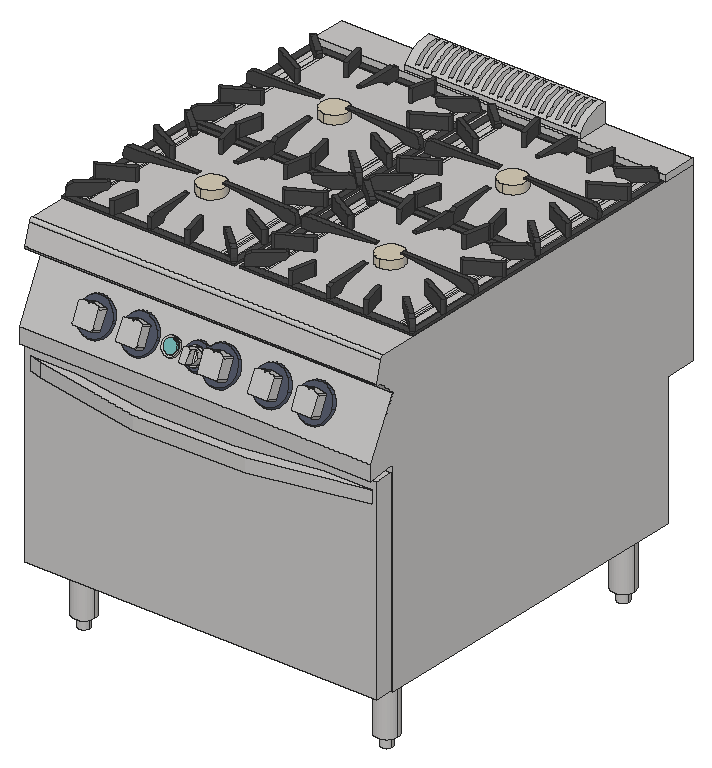
Revit family "QF_ZANUSSI_392260_Z9GCGHTCGB", category Specialty Equipment, Revit 2018
Family settings
  Round Connector Dimension = Use Diameter
  Part Type = Normal
  Work Plane-Based = No
  Always vertical = Yes
  Cut with Voids When Loaded = No
  Shared = No
  Room Calculation Point = No
Parameters (values of type "Standard")
  Weight = 155.00 kg
  Watts = 0 W
  Volts = 0 V
  URL Manufacturer = "http://www.zanussiprofessional.com"
  URL = "http://www.zanussiprofessional.com"
  Steam Supply Size = 0"
  Steam Supply Minimum Pressure = 0.00 psi
  Steam Supply Maximum Pressure = 0.00 psi
  Steam Pounds per Hour = 0
  Show Logo [instance] = yes
  Show Clearance [instance] = yes
  Refrigeration Suction Line Size = 0"
  Refrigeration Liquid Line Size = 0"
  Refrigerant Compressor Remote = yes
  Phase = 0
  Model = "Z9GCGHTCGB"
  Manufacturer = "Zanussi"
  Length Actual = 800 mm  # constant formula
  Item Number = "392260"
  Hot Water Size = 0"
  Height Actual = 850 mm  # constant formula
  HP = "0 HP"
  Gas Size = 1/2"
  Gas KW = 48.5
  Gas Input Pressure = 1.6262 Btu/h
  Direct Waste Size = 0"
  Description = "4-BURNER(10KW)GAS RANGE+OVEN 800 MM(AGA)"
  Depth Actual = 900 mm  # constant formula
  Cycle = 0 Hz
  Condensate Return Size = 0"
  Compressed Air Volume = 0 GPM
  Compressed Air Size = 0"
  Compressed Air Pressure = 0.00 psi
  Cold Water Size = 0"
  Accessory = yes
Reference planes
  plane 1 "BACK": y = 0
  plane 2: z = 0
  plane 3 "LEFT": x = 0
  plane 4 "RIGHT": x = 800.1
  plane 5 "FRONT": y = -915
  plane 6 "TOP": z = 908.05
  plane 7 "Center Y": x = 400.05
  plane 8 "Center X": y = -457.5
  plane 9: z = 150
  plane 10: z = 1397
  plane 11: y = -80.962
  plane 12: z = 850
  plane 13: y = -128
  plane 14: y = -802
  plane 15: y = -1306
  plane 16: y = -900
  plane 17: x = 552.1
  plane 18: x = 757.1
  plane 19: x = 56
  plane 20: x = 744.1
  plane 21 "panel": through (-6096, -915, 640.508) normal (0, 0.8956, -0.4448)
Forms (mm)
  Extrusion 1, solid, material "QF_Finishes_Stainless Steel"
    sketch origin (0, 0, 0) x (0, 1, 0) y (0, 0, 1)
      loop
        line (0, 850) -> (0, 864.288) -> (-76.2, 864.288) -> (-76.2, 850) -> (0, 850)
    from 0 to 800.1
  Extrusion 2, void
    sketch origin (-65.011, 0, 865.138) x (-1, 0, 0) y (0, -1, 0)
      loop
        line (-295.005, 6.761) -> (-285.709, 6.761) -> (-285.709, 63.911) -> (-295.005, 63.911) -> (-295.005, 6.761)
      loop
        line (-313.697, 6.761) -> (-304.401, 6.761) -> (-304.401, 63.911) -> (-313.697, 63.911) -> (-313.697, 6.761)
      loop
        line (-332.39, 6.761) -> (-323.094, 6.761) -> (-323.094, 63.911) -> (-332.39, 63.911) -> (-332.39, 6.761)
      loop
        line (-351.082, 6.761) -> (-341.787, 6.761) -> (-341.787, 63.911) -> (-351.082, 63.911) -> (-351.082, 6.761)
      loop
        line (-369.775, 6.761) -> (-360.479, 6.761) -> (-360.479, 63.911) -> (-369.775, 63.911) -> (-369.775, 6.761)
      loop
        line (-388.468, 6.761) -> (-379.172, 6.761) -> (-379.172, 63.911) -> (-388.468, 63.911) -> (-388.468, 6.761)
      loop
        line (-407.16, 6.761) -> (-397.864, 6.761) -> (-397.864, 63.911) -> (-407.16, 63.911) -> (-407.16, 6.761)
      loop
        line (-425.853, 6.761) -> (-416.557, 6.761) -> (-416.557, 63.911) -> (-425.853, 63.911) -> (-425.853, 6.761)
      loop
        line (-444.545, 6.761) -> (-435.25, 6.761) -> (-435.25, 63.911) -> (-444.545, 63.911) -> (-444.545, 6.761)
      loop
        line (-463.238, 6.761) -> (-453.942, 6.761) -> (-453.942, 63.911) -> (-463.238, 63.911) -> (-463.238, 6.761)
      loop
        line (-481.931, 6.761) -> (-472.635, 6.761) -> (-472.635, 63.911) -> (-481.931, 63.911) -> (-481.931, 6.761)
      loop
        line (-500.623, 6.761) -> (-491.328, 6.761) -> (-491.328, 63.911) -> (-500.623, 63.911) -> (-500.623, 6.761)
      loop
        line (-519.316, 6.761) -> (-510.02, 6.761) -> (-510.02, 63.911) -> (-519.316, 63.911) -> (-519.316, 6.761)
      loop
        line (-538.008, 6.761) -> (-528.713, 6.761) -> (-528.713, 63.911) -> (-538.008, 63.911) -> (-538.008, 6.761)
      loop
        line (-556.701, 6.761) -> (-547.405, 6.761) -> (-547.405, 63.911) -> (-556.701, 63.911) -> (-556.701, 6.761)
      loop
        line (-575.394, 6.761) -> (-566.098, 6.761) -> (-566.098, 63.911) -> (-575.394, 63.911) -> (-575.394, 6.761)
      loop
        line (-594.086, 6.761) -> (-584.791, 6.761) -> (-584.791, 63.911) -> (-594.086, 63.911) -> (-594.086, 6.761)
      loop
        line (-612.779, 6.761) -> (-603.483, 6.761) -> (-603.483, 63.911) -> (-612.779, 63.911) -> (-612.779, 6.761)
      loop
        line (-631.472, 6.761) -> (-622.176, 6.761) -> (-622.176, 63.911) -> (-631.472, 63.911) -> (-631.472, 6.761)
      loop
        line (-650.164, 6.761) -> (-640.868, 6.761) -> (-640.868, 63.911) -> (-650.164, 63.911) -> (-650.164, 6.761)
    from 9.525 to 45.348
  Extrusion 3, solid, material "QF_Finishes_Stainless Steel"
    sketch origin (400.05, 175.397, 1219.2) x (0, 1, 0) y (0, 0, 1)
      loop
        line (-175.397, -354.912) -> (-175.397, -311.2)
        arc (-175.397, -311.2) -> (-214.469, -319.821) -> (-245.247, -345.387) r 84.854
        line (-245.247, -345.387) -> (-245.247, -354.912) -> (-175.397, -354.912)
    from -200.05 to 199.95
  Extrusion 4, solid, material "QF_Finishes_Stainless Steel"
    sketch origin (0, 0, 450.037) x (-1, 0, 0) y (0, 1, 0)
      loop
        circle (-757.1, -30) r 6.4
    from 0 to 43.224
  Extrusion 5, solid, material "QF_Clearances", visible <- "Show Clearance", detail levels coarse
    sketch origin (0, 0, 0) x (1, 0, 0) y (0, 1, 0)
      loop
        line (-100.013, -915) -> (0, -915) -> (0, 0) -> (800.1, 0) -> (800.1, -915) -> (900.113, -915) -> (900.113, 100.013) -> (-100.013, 100.013) -> (-100.013, -915)
    from 0 to 908.05
  Revolve 6, solid, material "QF_Finishes_Stainless Steel"
    sketch origin (800.1, -128, 611.731) x (0, 0, -1) y (1, 0, 0)
      loop
        line (461.731, -55.562) -> (611.731, -55.562) -> (611.731, -42.862) -> (586.331, -42.862) -> (586.331, -30.162) -> (461.731, -30.162) -> (461.731, -55.562)
      axis (611.731, -55.562) -> (461.731, -55.562)
    angle from 0 to 360
  Revolve 7, solid, material "QF_Finishes_Stainless Steel"
    sketch origin (111.125, -128, 611.731) x (0, 0, -1) y (1, 0, 0)
      loop
        line (461.731, -55.562) -> (611.731, -55.562) -> (611.731, -42.862) -> (586.331, -42.862) -> (586.331, -30.162) -> (461.731, -30.162) -> (461.731, -55.562)
      axis (611.731, -55.562) -> (461.731, -55.562)
    angle from 0 to 360
  Revolve 8, solid, material "QF_Finishes_Stainless Steel"
    sketch origin (800.1, -802, 611.731) x (0, 0, -1) y (1, 0, 0)
      loop
        line (461.731, -55.562) -> (611.731, -55.562) -> (611.731, -42.862) -> (586.331, -42.862) -> (586.331, -30.162) -> (461.731, -30.162) -> (461.731, -55.562)
      axis (611.731, -55.562) -> (461.731, -55.562)
    angle from 0 to 360
  Revolve 9, solid, material "QF_Finishes_Stainless Steel"
    sketch origin (111.125, -802, 611.731) x (0, 0, -1) y (1, 0, 0)
      loop
        line (461.731, -55.562) -> (611.731, -55.562) -> (611.731, -42.862) -> (586.331, -42.862) -> (586.331, -30.162) -> (461.731, -30.162) -> (461.731, -55.562)
      axis (611.731, -55.562) -> (461.731, -55.562)
    angle from 0 to 360
  Extrusion 10, solid, material "QF_Finishes_Stainless Steel"
    sketch origin (0, -71.438, 450.037) x (0, 0, -1) y (-1, 0, 0)
      loop
        line (0, -216.311) -> (0, -583.689) -> (125.038, -583.689) -> (125.038, -216.311) -> (0, -216.311)
    from 0.438 to 69
  Extrusion 11, solid, material "QF_Finishes_Stainless Steel"
    sketch origin (0, -71.438, 450.037) x (0, 0, -1) y (-1, 0, 0)
      loop
        circle (258.038, -757.1) r 6.4
    from 0.438 to 3.2
  Extrusion 12, solid, material "QF_Finishes_Stainless Steel"
    sketch origin (0, -851.437, 150) x (1, 0, 0) y (0, -1, 0)
      loop
        circle (757.1, -277.437) r 6.4
    from 0 to 3.2
  Extrusion 13, solid, material "QF_Finishes_Stainless Steel"
    sketch origin (0, -71.438, 325) x (0, -1, 0) y (-1, 0, 0)
      loop
        circle (-41.437, -552.1) r 6.35
    from 0 to 5
  Extrusion 14, solid, material "QF_Finishes_Stainless Steel"
    sketch origin (0, -71.438, 450.037) x (0, 0, -1) y (-1, 0, 0)
      loop
        circle (140.038, -552.1) r 6.4
    from 0.438 to 12.437
  Extrusion 15, solid, material "QF_Finishes_Stainless Steel"
    sketch origin (0, 0, 0.775) x (0, 1, 0) y (0, 0, 1)
      loop
        line (0, 849.225) -> (-879.358, 849.225)
        arc (-879.358, 849.225) -> (-884.643, 847.036) -> (-886.833, 841.751) r 7.474
        line (-886.833, 841.751) -> (-899.884, 796.236)
        arc (-899.884, 796.236) -> (-899.396, 793.604) -> (-897, 792.409) r 3
        line (-897, 792.409) -> (-886.802, 792.409) -> (-854.982, 760.589) -> (-915, 639.733) -> (-915, 604.733) -> (-858.645, 612.653)
        arc (-858.645, 612.653) -> (-856.101, 611.899) -> (-855, 609.484) r 3.2
        line (-855, 609.484) -> (-855, 149.225) -> (-71, 149.225) -> (-71, 449.262) -> (0, 449.262) -> (0, 849.225)
      loop
        line (-900, 599.225) -> (-900, 154.225) -> (-860, 154.225) -> (-860, 599.225) -> (-900, 599.225)
    from 0 to 800.1
  Blend 16, solid, material "QF_Finishes_Navy Blue"
    base sketch origin (150, -884.991, 700.936) x (1, 0, 0) y (0, 0.444781, 0.895639)
      loop
        circle (0, 0) r 42.5
    top sketch origin (150, -884.991, 700.936) x (1, 0, 0) y (0, 0.444781, 0.895639)
      loop
        circle (0, 0) r 40.5
    from 0 to 5
  Extrusion 17, solid, material "QF_Finishes_Stainless Steel"
    sketch origin (150, -884.991, 700.936) x (1, 0, 0) y (0, 0.444781, 0.895639)
      loop
        arc (-21.147, 22.789) -> (-22.494, 21.685) -> (-23, 20.019) r 2.997
        line (-23, 20.019) -> (-23, -20.019)
        arc (-23, -20.019) -> (-22.122, -22.138) -> (-20.003, -23.016) r 2.997
        line (-20.003, -23.016) -> (20.003, -23.016)
        arc (20.003, -23.016) -> (22.122, -22.138) -> (23, -20.019) r 2.997
        line (23, -20.019) -> (23, 20.019)
        arc (23, 20.019) -> (22.494, 21.685) -> (21.147, 22.789) r 2.997
        arc (21.147, 22.789) -> (0, 26.984) -> (-21.147, 22.789) r 55.4
    from 10 to 34
  Extrusion 18, solid, material "QF_Plastic-Black-Matte"
    sketch origin (207.5, -884.991, 701.574) x (0, 0.444781, 0.895639) y (0, -0.895639, 0.444781)
      loop
        line (26.535, 33.47) -> (26.535, 18.47) -> (27.535, 18.47) -> (27.535, 33.47)
        arc (27.535, 33.47) -> (27.242, 34.177) -> (26.535, 34.47) r 1
        line (26.535, 34.47) -> (23.535, 34.47) -> (23.535, 33.47) -> (26.535, 33.47)
    from -58.5 to -56.5
  Extrusion 19, solid, material "QF_Finishes_Stainless Steel"
    sketch origin (150, -884.991, 700.936) x (1, 0, 0) y (0, 0.444781, 0.895639)
      loop
        line (17.5, 17.5) -> (-17.5, 17.5) -> (-17.5, -17.5) -> (17.5, -17.5) -> (17.5, 17.5)
    from 5 to 10
  Blend 20, solid, material "QF_Finishes_Navy Blue"
    base sketch origin (250, -884.991, 700.936) x (1, 0, 0) y (0, 0.444781, 0.895639)
      loop
        circle (0, 0) r 42.5
    top sketch origin (250, -884.991, 700.936) x (1, 0, 0) y (0, 0.444781, 0.895639)
      loop
        circle (0, 0) r 40.5
    from 0 to 5
  Extrusion 21, solid, material "QF_Finishes_Stainless Steel"
    sketch origin (250, -884.991, 700.936) x (1, 0, 0) y (0, 0.444781, 0.895639)
      loop
        arc (-21.147, 22.789) -> (-22.494, 21.685) -> (-23, 20.019) r 2.997
        line (-23, 20.019) -> (-23, -20.019)
        arc (-23, -20.019) -> (-22.122, -22.138) -> (-20.003, -23.016) r 2.997
        line (-20.003, -23.016) -> (20.003, -23.016)
        arc (20.003, -23.016) -> (22.122, -22.138) -> (23, -20.019) r 2.997
        line (23, -20.019) -> (23, 20.019)
        arc (23, 20.019) -> (22.494, 21.685) -> (21.147, 22.789) r 2.997
        arc (21.147, 22.789) -> (0, 26.984) -> (-21.147, 22.789) r 55.4
    from 10 to 34
  Extrusion 22, solid, material "QF_Finishes_Stainless Steel"
    sketch origin (250, -884.991, 700.936) x (1, 0, 0) y (0, 0.444781, 0.895639)
      loop
        line (17.5, 17.5) -> (-17.5, 17.5) -> (-17.5, -17.5) -> (17.5, -17.5) -> (17.5, 17.5)
    from 5 to 10
  Extrusion 23, solid, material "QF_Plastic-Black-Matte"
    sketch origin (192.5, -884.991, 701.574) x (0, 0.444781, 0.895639) y (0, 0.895639, -0.444781)
      loop
        line (26.535, -33.47) -> (23.535, -33.47) -> (23.535, -34.47) -> (26.535, -34.47)
        arc (26.535, -34.47) -> (27.242, -34.177) -> (27.535, -33.47) r 1
        line (27.535, -33.47) -> (27.535, -18.47) -> (26.535, -18.47) -> (26.535, -33.47)
    from -58.5 to -56.5
  Blend 24, solid, material "QF_Finishes_Navy Blue"
    base sketch origin (550.1, -884.991, 700.936) x (1, 0, 0) y (0, 0.444781, 0.895639)
      loop
        circle (0, 0) r 42.5
    top sketch origin (550.1, -884.991, 700.936) x (1, 0, 0) y (0, 0.444781, 0.895639)
      loop
        circle (0, 0) r 40.5
    from 0 to 5
  Extrusion 25, solid, material "QF_Finishes_Stainless Steel"
    sketch origin (550.1, -884.991, 700.936) x (1, 0, 0) y (0, 0.444781, 0.895639)
      loop
        arc (-21.147, 22.789) -> (-22.494, 21.685) -> (-23, 20.019) r 2.997
        line (-23, 20.019) -> (-23, -20.019)
        arc (-23, -20.019) -> (-22.122, -22.138) -> (-20.003, -23.016) r 2.997
        line (-20.003, -23.016) -> (20.003, -23.016)
        arc (20.003, -23.016) -> (22.122, -22.138) -> (23, -20.019) r 2.997
        line (23, -20.019) -> (23, 20.019)
        arc (23, 20.019) -> (22.494, 21.685) -> (21.147, 22.789) r 2.997
        arc (21.147, 22.789) -> (0, 26.984) -> (-21.147, 22.789) r 55.4
    from 10 to 34
  Extrusion 26, solid, material "QF_Plastic-Black-Matte"
    sketch origin (607.6, -884.991, 701.574) x (0, 0.444781, 0.895639) y (0, -0.895639, 0.444781)
      loop
        line (26.535, 33.47) -> (26.535, 18.47) -> (27.535, 18.47) -> (27.535, 33.47)
        arc (27.535, 33.47) -> (27.242, 34.177) -> (26.535, 34.47) r 1
        line (26.535, 34.47) -> (23.535, 34.47) -> (23.535, 33.47) -> (26.535, 33.47)
    from -58.5 to -56.5
  Extrusion 27, solid, material "QF_Finishes_Stainless Steel"
    sketch origin (550.1, -884.991, 700.936) x (1, 0, 0) y (0, 0.444781, 0.895639)
      loop
        line (17.5, 17.5) -> (-17.5, 17.5) -> (-17.5, -17.5) -> (17.5, -17.5) -> (17.5, 17.5)
    from 5 to 10
  Blend 28, solid, material "QF_Finishes_Navy Blue"
    base sketch origin (650.1, -884.991, 700.936) x (1, 0, 0) y (0, 0.444781, 0.895639)
      loop
        circle (0, 0) r 42.5
    top sketch origin (650.1, -884.991, 700.936) x (1, 0, 0) y (0, 0.444781, 0.895639)
      loop
        circle (0, 0) r 40.5
    from 0 to 5
  Extrusion 29, solid, material "QF_Finishes_Stainless Steel"
    sketch origin (650.1, -884.991, 700.936) x (1, 0, 0) y (0, 0.444781, 0.895639)
      loop
        arc (-21.147, 22.789) -> (-22.494, 21.685) -> (-23, 20.019) r 2.997
        line (-23, 20.019) -> (-23, -20.019)
        arc (-23, -20.019) -> (-22.122, -22.138) -> (-20.003, -23.016) r 2.997
        line (-20.003, -23.016) -> (20.003, -23.016)
        arc (20.003, -23.016) -> (22.122, -22.138) -> (23, -20.019) r 2.997
        line (23, -20.019) -> (23, 20.019)
        arc (23, 20.019) -> (22.494, 21.685) -> (21.147, 22.789) r 2.997
        arc (21.147, 22.789) -> (0, 26.984) -> (-21.147, 22.789) r 55.4
    from 10 to 34
  Extrusion 30, solid, material "QF_Finishes_Stainless Steel"
    sketch origin (650.1, -884.991, 700.936) x (1, 0, 0) y (0, 0.444781, 0.895639)
      loop
        line (17.5, 17.5) -> (-17.5, 17.5) -> (-17.5, -17.5) -> (17.5, -17.5) -> (17.5, 17.5)
    from 5 to 10
  Extrusion 31, solid, material "QF_Plastic-Black-Matte"
    sketch origin (592.6, -884.991, 701.574) x (0, 0.444781, 0.895639) y (0, 0.895639, -0.444781)
      loop
        line (26.535, -33.47) -> (23.535, -33.47) -> (23.535, -34.47) -> (26.535, -34.47)
        arc (26.535, -34.47) -> (27.242, -34.177) -> (27.535, -33.47) r 1
        line (27.535, -33.47) -> (27.535, -18.47) -> (26.535, -18.47) -> (26.535, -33.47)
    from -58.5 to -56.5
  Blend 32, solid, material "QF_Finishes_Navy Blue"
    base sketch origin (435, -884.991, 700.936) x (1, 0, 0) y (0, 0.444781, 0.895639)
      loop
        arc (-35.05, -24.037) -> (42.5, 0) -> (-35.05, 24.037) r 42.5
        arc (-35.05, 24.037) -> (-83, 0) -> (-35.05, -24.037) r 30
    top sketch origin (435, -884.991, 700.936) x (1, 0, 0) y (0, 0.444781, 0.895639)
      loop
        arc (-34.578, -21.086) -> (40.5, 0) -> (-34.578, 21.086) r 40.5
        arc (-34.578, 21.086) -> (-81, 0) -> (-34.578, -21.086) r 28
    from 0 to 5
  Extrusion 33, solid, material "QF_Finishes_Stainless Steel"
    sketch origin (202.5, -884.991, 700.936) x (1, 0, 0) y (0, 0.444781, 0.895639)
      loop
        circle (177.499, -0.341) r 20
    from 5 to 10
  Extrusion 34, void
    sketch origin (435, -884.991, 700.936) x (1, 0, 0) y (0, -0.895639, 0.444781)
      loop
        line (-62.999, 24.837) -> (-62.999, 40) -> (-71.893, 40) -> (-71.893, 22) -> (-65.835, 22)
        arc (-65.835, 22) -> (-63.827, 22.828) -> (-62.999, 24.837) r 2.827
      loop
        arc (-47.003, 24.837) -> (-46.175, 22.828) -> (-44.167, 22) r 2.827
        line (-44.167, 22) -> (-38.109, 22) -> (-38.109, 40) -> (-47.003, 40) -> (-47.003, 24.837)
    from -20.019 to 20.019
  Extrusion 35, solid, material "QF_Finishes_Stainless Steel"
    sketch origin (202.5, -884.991, 700.936) x (1, 0, 0) y (0, 0.444781, 0.895639)
      loop
        arc (211.353, 22.789) -> (210.006, 21.685) -> (209.5, 20.019) r 2.997
        line (209.5, 20.019) -> (209.5, -20.019)
        arc (209.5, -20.019) -> (210.378, -22.138) -> (212.497, -23.016) r 2.997
        line (212.497, -23.016) -> (252.503, -23.016)
        arc (252.503, -23.016) -> (254.622, -22.138) -> (255.5, -20.019) r 2.997
        line (255.5, -20.019) -> (255.5, 20.019)
        arc (255.5, 20.019) -> (254.994, 21.685) -> (253.647, 22.789) r 2.997
        arc (253.647, 22.789) -> (232.5, 26.984) -> (211.353, 22.789) r 55.4
    from 5 to 34
  Extrusion 36, solid, material "QF_Finishes_Stainless Steel"
    sketch origin (202.5, -884.991, 700.936) x (1, 0, 0) y (0, 0.444781, 0.895639)
      loop
        circle (177.499, -0.341) r 16
    from 10 to 40
  Extrusion 37, solid, material "QF_Plastic-Black-Matte"
    sketch origin (492.5, -884.991, 700.936) x (0, 0.444781, 0.895639) y (0, -0.895639, 0.444781)
      loop
        line (27.106, 33.754) -> (27.106, 18.754) -> (28.106, 18.754) -> (28.106, 33.754)
        arc (28.106, 33.754) -> (27.813, 34.461) -> (27.106, 34.754) r 1
        line (27.106, 34.754) -> (24.106, 34.754) -> (24.106, 33.754) -> (27.106, 33.754)
    from -58.5 to -56.5
  Extrusion 38, solid, material "QF_Finishes_Door Clearance", visible <- "Show Clearance", detail levels coarse
    sketch origin (0, -200, 0) x (0, 1, 0) y (0, 0, 1)
      loop
        arc (-700, 600) -> (-991.621, 457.58) -> (-1108.972, 155) r 445
        line (-1108.972, 155) -> (-700, 155) -> (-700, 600)
    from 0 to 800
  Extrusion 39, solid, material "QF_Finishes_Stainless Steel"
    sketch origin (0, -200, 150) x (-1, 0, 0) y (0, -1, 0)
      loop
        line (-790, 700) -> (-696.395, 700)
        arc (-696.395, 700) -> (-400, 735) -> (-103.605, 700) r 1272.5
        line (-103.605, 700) -> (-10, 700)
        arc (-10, 700) -> (-27.217, 705.295) -> (-44.506, 710.35) r 1297.5
        arc (-44.506, 710.35) -> (-418.013, 759.875) -> (-790, 700) r 1297.5
    from 400 to 430
  Blend 40, void
    base sketch origin (0, -989.14, 491.215) x (0, -0.444781, -0.895639) y (-1, 0, 0)
      loop
        circle (-234.158, -322.25) r 20
    top sketch origin (0, -989.14, 491.215) x (0, -0.444781, -0.895639) y (-1, 0, 0)
      loop
        circle (-234.158, -322.25) r 15
    from -5 to -2.691
  Extrusion 41, solid, material "QF_Finishes_Stainless Steel"
    sketch origin (0, -989.14, 491.215) x (0, -0.444781, -0.895639) y (-1, 0, 0)
      loop
        circle (-234.158, -322.25) r 20
    from 0 to -5
  Extrusion 42, solid, material "QF_Finishes_Teal"
    sketch origin (0, -989.14, 491.215) x (0, -0.444781, -0.895639) y (-1, 0, 0)
      loop
        circle (-234.158, -322.25) r 15
    from -5 to -2.691
Cuts and joins
  Extrusion 2 cuts Extrusion 3
  Extrusion 34 cuts Extrusion 36
  Blend 40 cuts Extrusion 41
Lines and regions (mm)
  Split face 1
    outline origin (150, -889.469, 703.16) x (1, 0, 0) y (0, 0.444781, 0.895639)
      loop
        circle (-33, 0) r 3
  Split face 2
    outline origin (155.901, -889.469, 703.16) x (1, 0, 0) y (0, 0.444781, 0.895639)
      loop
        line (-8.901, 38.561) -> (-8.901, 28.561) -> (-2.901, 28.561) -> (-2.901, 38.561) -> (-8.901, 38.561)
  Split face 3
    outline origin (155.901, -889.469, 703.16) x (1, 0, 0) y (0, 0.444781, 0.895639)
      loop
        line (-8.401, 38.061) -> (-8.401, 29.061) -> (-3.401, 29.061) -> (-3.401, 38.061) -> (-8.401, 38.061)
  Split face 4
    outline origin (175.657, -875.159, 731.975) x (-1, 0, 0) y (0, -0.444781, -0.895639)
      loop
        circle (43.456, 61.543) r 1.5
  Split face 5
    outline origin (150, -889.469, 703.16) x (1, 0, 0) y (0, 0.444781, 0.895639)
      loop
        circle (-24.487, 26.694) r 3.497
  Split face 6
    outline origin (155.901, -859.615, 763.276) x (1, 0, 0) y (0, 0.444781, 0.895639)
      loop
        line (-8.401, -34.061) -> (-3.401, -34.061)
  Split face 7
    outline origin (155.901, -859.615, 763.276) x (1, 0, 0) y (0, 0.444781, 0.895639)
      loop
        line (-8.401, -33.561) -> (-3.401, -33.561)
  Split face 8
    outline origin (155.901, -859.615, 763.276) x (1, 0, 0) y (0, 0.444781, 0.895639)
      loop
        circle (-5.901, -31.311) r 2.029
  Split face 9
    outline origin (255.901, -889.469, 703.16) x (1, 0, 0) y (0, 0.444781, 0.895639)
      loop
        line (-8.901, 38.561) -> (-8.901, 28.561) -> (-2.901, 28.561) -> (-2.901, 38.561) -> (-8.901, 38.561)
  Split face 10
    outline origin (255.901, -889.469, 703.16) x (1, 0, 0) y (0, 0.444781, 0.895639)
      loop
        line (-8.401, 38.061) -> (-8.401, 29.061) -> (-3.401, 29.061) -> (-3.401, 38.061) -> (-8.401, 38.061)
  Split face 11
    outline origin (255.901, -889.469, 703.16) x (1, 0, 0) y (0, 0.444781, 0.895639)
      loop
        line (-8.401, 34.061) -> (-3.401, 34.061)
  Split face 12
    outline origin (255.901, -889.469, 703.16) x (1, 0, 0) y (0, 0.444781, 0.895639)
      loop
        line (-8.401, 33.561) -> (-3.401, 33.561)
  Split face 13
    outline origin (255.901, -889.469, 703.16) x (1, 0, 0) y (0, 0.444781, 0.895639)
      loop
        circle (-5.901, 31.311) r 2.029
  Split face 14
    outline origin (250, -889.469, 703.16) x (1, 0, 0) y (0, 0.444781, 0.895639)
      loop
        circle (-33, 0) r 3
  Split face 15
    outline origin (275.657, -875.159, 731.975) x (-1, 0, 0) y (0, -0.444781, -0.895639)
      loop
        circle (43.456, 61.543) r 1.5
  Split face 16
    outline origin (250, -889.469, 703.16) x (1, 0, 0) y (0, 0.444781, 0.895639)
      loop
        circle (-24.487, 26.694) r 3.497
  Split face 17
    outline origin (550.1, -889.469, 703.16) x (1, 0, 0) y (0, 0.444781, 0.895639)
      loop
        circle (-33, 0) r 3
  Split face 18
    outline origin (556.001, -889.469, 703.16) x (1, 0, 0) y (0, 0.444781, 0.895639)
      loop
        line (-8.901, 38.561) -> (-8.901, 28.561) -> (-2.901, 28.561) -> (-2.901, 38.561) -> (-8.901, 38.561)
  Split face 19
    outline origin (556.001, -889.469, 703.16) x (1, 0, 0) y (0, 0.444781, 0.895639)
      loop
        line (-8.401, 38.061) -> (-8.401, 29.061) -> (-3.401, 29.061) -> (-3.401, 38.061) -> (-8.401, 38.061)
  Split face 20
    outline origin (575.757, -875.159, 731.975) x (-1, 0, 0) y (0, -0.444781, -0.895639)
      loop
        circle (43.456, 61.543) r 1.5
  Split face 21
    outline origin (550.1, -889.469, 703.16) x (1, 0, 0) y (0, 0.444781, 0.895639)
      loop
        circle (-24.487, 26.694) r 3.497
  Split face 22
    outline origin (556.001, -859.615, 763.276) x (1, 0, 0) y (0, 0.444781, 0.895639)
      loop
        line (-8.401, -34.061) -> (-3.401, -34.061)
  Split face 23
    outline origin (556.001, -859.615, 763.276) x (1, 0, 0) y (0, 0.444781, 0.895639)
      loop
        line (-8.401, -33.561) -> (-3.401, -33.561)
  Split face 24
    outline origin (556.001, -859.615, 763.276) x (1, 0, 0) y (0, 0.444781, 0.895639)
      loop
        circle (-5.901, -31.311) r 2.029
  Split face 25
    outline origin (656.001, -889.469, 703.16) x (1, 0, 0) y (0, 0.444781, 0.895639)
      loop
        line (-8.901, 38.561) -> (-8.901, 28.561) -> (-2.901, 28.561) -> (-2.901, 38.561) -> (-8.901, 38.561)
  Split face 26
    outline origin (656.001, -889.469, 703.16) x (1, 0, 0) y (0, 0.444781, 0.895639)
      loop
        line (-8.401, 38.061) -> (-8.401, 29.061) -> (-3.401, 29.061) -> (-3.401, 38.061) -> (-8.401, 38.061)
  Split face 27
    outline origin (656.001, -889.469, 703.16) x (1, 0, 0) y (0, 0.444781, 0.895639)
      loop
        line (-8.401, 34.061) -> (-3.401, 34.061)
  Split face 28
    outline origin (656.001, -889.469, 703.16) x (1, 0, 0) y (0, 0.444781, 0.895639)
      loop
        line (-8.401, 33.561) -> (-3.401, 33.561)
  Split face 29
    outline origin (656.001, -889.469, 703.16) x (1, 0, 0) y (0, 0.444781, 0.895639)
      loop
        circle (-5.901, 31.311) r 2.029
  Split face 30
    outline origin (650.1, -889.469, 703.16) x (1, 0, 0) y (0, 0.444781, 0.895639)
      loop
        circle (-33, 0) r 3
  Split face 31
    outline origin (675.757, -875.159, 731.975) x (-1, 0, 0) y (0, -0.444781, -0.895639)
      loop
        circle (43.456, 61.543) r 1.5
  Split face 32
    outline origin (650.1, -889.469, 703.16) x (1, 0, 0) y (0, 0.444781, 0.895639)
      loop
        circle (-24.487, 26.694) r 3.497
  Split face 33
    outline origin (435, -889.469, 703.16) x (1, 0, 0) y (0, 0.444781, 0.895639)
      loop
        circle (0, 33) r 1
  Split face 34
    outline origin (435, -889.469, 703.16) x (1, 0, 0) y (0, 0.444781, 0.895639)
      loop
        circle (-8.541, 31.876) r 1
  Split face 35
    outline origin (435, -889.469, 703.16) x (1, 0, 0) y (0, 0.444781, 0.895639)
      loop
        circle (-16.5, 28.579) r 1
  Split face 36
    outline origin (435, -889.469, 703.16) x (1, 0, 0) y (0, 0.444781, 0.895639)
      loop
        circle (-23.335, 23.335) r 1
  Split face 37
    outline origin (435, -889.469, 703.16) x (1, 0, 0) y (0, 0.444781, 0.895639)
      loop
        circle (-28.579, 16.5) r 1
  Split face 38
    outline origin (435, -889.469, 703.16) x (1, 0, 0) y (0, 0.444781, 0.895639)
      loop
        circle (-31.876, 8.541) r 1
  Split face 39
    outline origin (435, -889.469, 703.16) x (1, 0, 0) y (0, 0.444781, 0.895639)
      loop
        circle (-33, 0) r 1
  Split face 40
    outline origin (435, -889.469, 703.16) x (-1, 0, 0) y (0, 0.444781, 0.895639)
      loop
        circle (-8.541, 31.876) r 1
  Split face 41
    outline origin (435, -889.469, 703.16) x (-1, 0, 0) y (0, 0.444781, 0.895639)
      loop
        circle (-16.5, 28.579) r 1
  Split face 42
    outline origin (435, -889.469, 703.16) x (-1, 0, 0) y (0, 0.444781, 0.895639)
      loop
        circle (-23.335, 23.335) r 1
  Split face 43
    outline origin (435, -889.469, 703.16) x (-1, 0, 0) y (0, 0.444781, 0.895639)
      loop
        circle (-28.579, 16.5) r 1
  Split face 44
    outline origin (435, -889.469, 703.16) x (-1, 0, 0) y (0, 0.444781, 0.895639)
      loop
        circle (-31.876, 8.541) r 1
  Split face 45
    outline origin (435, -889.469, 703.16) x (1, 0, 0) y (0, -0.444781, -0.895639)
      loop
        circle (0, 33) r 1
  Split face 46
    outline origin (435, -889.469, 703.16) x (1, 0, 0) y (0, -0.444781, -0.895639)
      loop
        circle (-8.541, 31.876) r 1
  Split face 47
    outline origin (435, -889.469, 703.16) x (1, 0, 0) y (0, -0.444781, -0.895639)
      loop
        circle (-16.5, 28.579) r 1
  Split face 48
    outline origin (435, -889.469, 703.16) x (1, 0, 0) y (0, -0.444781, -0.895639)
      loop
        circle (-23.335, 23.335) r 1
  Split face 49
    outline origin (435, -889.469, 703.16) x (1, 0, 0) y (0, -0.444781, -0.895639)
      loop
        circle (-28.579, 16.5) r 1
  Split face 50
    outline origin (435, -889.469, 703.16) x (1, 0, 0) y (0, -0.444781, -0.895639)
      loop
        circle (-31.876, 8.541) r 1
  Split face 51
    outline origin (435, -889.469, 703.16) x (-1, 0, 0) y (0, -0.444781, -0.895639)
      loop
        circle (-8.541, 31.876) r 1
  Split face 52
    outline origin (435, -889.469, 703.16) x (-1, 0, 0) y (0, -0.444781, -0.895639)
      loop
        circle (-16.5, 28.579) r 1
  Split face 53
    outline origin (435, -889.469, 703.16) x (-1, 0, 0) y (0, -0.444781, -0.895639)
      loop
        circle (-23.335, 23.335) r 1
  Split face 54
    outline origin (435, -889.469, 703.16) x (-1, 0, 0) y (0, -0.444781, -0.895639)
      loop
        circle (-28.579, 16.5) r 1
  Split face 55
    outline origin (435, -889.469, 703.16) x (-1, 0, 0) y (0, -0.444781, -0.895639)
      loop
        circle (-31.876, 8.541) r 1
  Split face 56
    outline origin (435, -889.469, 703.16) x (1, 0, 0) y (0, 0.444781, 0.895639)
      loop
        circle (33, 0) r 1
  Split face 57
    outline origin (435, -889.469, 703.16) x (1, 0, 0) y (0, 0.444781, 0.895639)
      loop
        circle (-55.001, 22) r 1.508
  Split face 58
    outline origin (435, -889.469, 703.16) x (1, 0, 0) y (0, 0.444781, 0.895639)
      loop
        circle (-77.001, 0) r 1.343
  Split face 59
    outline origin (435, -889.469, 703.16) x (1, 0, 0) y (0, 0.444781, 0.895639)
      loop
        line (-56.273, -20.786) -> (-56.273, -25.164) -> (-53.729, -25.164) -> (-53.729, -20.786) -> (-56.273, -20.786)
  symbolic lines, style "QF_Clearances", visible <- "Show Clearance", detail levels coarse
    curve 1: line (-100.013, -915, 0) -> (-100.013, 100.013, 0)
    curve 2: line (-100.013, 100.013, 0) -> (900.113, 100.013, 0)
    curve 3: line (900.113, 100.013, 0) -> (900.113, -914.604, 0)
  symbolic lines
    curve 4: line (0, 0, 0) -> (800.1, 0, 0)
    curve 5: line (800.1, 0, 0) -> (800.1, -915, 0)
    curve 6: line (0, -915, 0) -> (0, 0, 0)
    curve 7: line (0, -76.2, 0) -> (800.1, -76.2, 0)
    curve 11: line (200, -69.85, 0) -> (200, 0, 0)
    curve 12: line (200, -69.85, 0) -> (600, -69.85, 0)
    curve 13: line (600, -69.85, 0) -> (600, 0, 0)
    curve 14: line (585.153, -6.761, 0) -> (585.153, -63.911, 0)
    curve 15: line (585.153, -63.911, 0) -> (575.857, -63.911, 0)
    curve 16: line (575.857, -63.911, 0) -> (575.857, -6.761, 0)
    curve 17: line (575.857, -6.761, 0) -> (585.153, -6.761, 0)
    curve 18: line (566.461, -6.761, 0) -> (566.461, -63.911, 0)
    curve 19: line (566.461, -63.911, 0) -> (557.165, -63.911, 0)
    curve 20: line (557.165, -63.911, 0) -> (557.165, -6.761, 0)
    curve 21: line (557.165, -6.761, 0) -> (566.461, -6.761, 0)
    curve 22: line (547.768, -6.761, 0) -> (547.768, -63.911, 0)
    curve 23: line (547.768, -63.911, 0) -> (538.472, -63.911, 0)
    curve 24: line (538.472, -63.911, 0) -> (538.472, -6.761, 0)
    curve 25: line (538.472, -6.761, 0) -> (547.768, -6.761, 0)
    curve 26: line (529.075, -6.761, 0) -> (529.075, -63.911, 0)
    curve 27: line (529.075, -63.911, 0) -> (519.78, -63.911, 0)
    curve 28: line (519.78, -63.911, 0) -> (519.78, -6.761, 0)
    curve 29: line (519.78, -6.761, 0) -> (529.075, -6.761, 0)
    curve 30: line (510.383, -6.761, 0) -> (510.383, -63.911, 0)
    curve 31: line (510.383, -63.911, 0) -> (501.087, -63.911, 0)
    curve 32: line (501.087, -63.911, 0) -> (501.087, -6.761, 0)
    curve 33: line (501.087, -6.761, 0) -> (510.383, -6.761, 0)
    curve 34: line (491.69, -6.761, 0) -> (491.69, -63.911, 0)
    curve 35: line (491.69, -63.911, 0) -> (482.394, -63.911, 0)
    curve 36: line (482.394, -63.911, 0) -> (482.394, -6.761, 0)
    curve 37: line (482.394, -6.761, 0) -> (491.69, -6.761, 0)
    curve 38: line (472.998, -6.761, 0) -> (472.998, -63.911, 0)
    curve 39: line (472.998, -63.911, 0) -> (463.702, -63.911, 0)
    curve 40: line (463.702, -63.911, 0) -> (463.702, -6.761, 0)
    curve 41: line (463.702, -6.761, 0) -> (472.998, -6.761, 0)
    curve 42: line (454.305, -6.761, 0) -> (454.305, -63.911, 0)
    curve 43: line (454.305, -63.911, 0) -> (445.009, -63.911, 0)
    curve 44: line (445.009, -63.911, 0) -> (445.009, -6.761, 0)
    curve 45: line (445.009, -6.761, 0) -> (454.305, -6.761, 0)
    curve 46: line (435.612, -6.761, 0) -> (435.612, -63.911, 0)
    curve 47: line (435.612, -63.911, 0) -> (426.317, -63.911, 0)
    curve 48: line (426.317, -63.911, 0) -> (426.317, -6.761, 0)
    curve 49: line (426.317, -6.761, 0) -> (435.612, -6.761, 0)
    curve 50: line (416.92, -6.761, 0) -> (416.92, -63.911, 0)
    curve 51: line (416.92, -63.911, 0) -> (407.624, -63.911, 0)
    curve 52: line (407.624, -63.911, 0) -> (407.624, -6.761, 0)
    curve 53: line (407.624, -6.761, 0) -> (416.92, -6.761, 0)
    curve 54: line (398.227, -6.761, 0) -> (398.227, -63.911, 0)
    curve 55: line (398.227, -63.911, 0) -> (388.931, -63.911, 0)
    curve 56: line (388.931, -63.911, 0) -> (388.931, -6.761, 0)
    curve 57: line (388.931, -6.761, 0) -> (398.227, -6.761, 0)
    curve 58: line (379.534, -6.761, 0) -> (379.534, -63.911, 0)
    curve 59: line (379.534, -63.911, 0) -> (370.239, -63.911, 0)
    curve 60: line (370.239, -63.911, 0) -> (370.239, -6.761, 0)
    curve 61: line (370.239, -6.761, 0) -> (379.534, -6.761, 0)
    curve 62: line (360.842, -6.761, 0) -> (360.842, -63.911, 0)
    curve 63: line (360.842, -63.911, 0) -> (351.546, -63.911, 0)
    curve 64: line (351.546, -63.911, 0) -> (351.546, -6.761, 0)
    curve 65: line (351.546, -6.761, 0) -> (360.842, -6.761, 0)
    curve 66: line (342.149, -6.761, 0) -> (342.149, -63.911, 0)
    curve 67: line (342.149, -63.911, 0) -> (332.854, -63.911, 0)
    curve 68: line (332.854, -63.911, 0) -> (332.854, -6.761, 0)
    curve 69: line (332.854, -6.761, 0) -> (342.149, -6.761, 0)
    curve 70: line (323.457, -6.761, 0) -> (323.457, -63.911, 0)
    curve 71: line (323.457, -63.911, 0) -> (314.161, -63.911, 0)
    curve 72: line (314.161, -63.911, 0) -> (314.161, -6.761, 0)
    curve 73: line (314.161, -6.761, 0) -> (323.457, -6.761, 0)
    curve 74: line (304.764, -6.761, 0) -> (304.764, -63.911, 0)
    curve 75: line (304.764, -63.911, 0) -> (295.468, -63.911, 0)
    curve 76: line (295.468, -63.911, 0) -> (295.468, -6.761, 0)
    curve 77: line (295.468, -6.761, 0) -> (304.764, -6.761, 0)
    curve 78: line (286.071, -6.761, 0) -> (286.071, -63.911, 0)
    curve 79: line (286.071, -63.911, 0) -> (276.776, -63.911, 0)
    curve 80: line (276.776, -63.911, 0) -> (276.776, -6.761, 0)
    curve 81: line (276.776, -6.761, 0) -> (286.071, -6.761, 0)
    curve 82: line (267.379, -6.761, 0) -> (267.379, -63.911, 0)
    curve 83: line (267.379, -63.911, 0) -> (258.083, -63.911, 0)
    curve 84: line (258.083, -63.911, 0) -> (258.083, -6.761, 0)
    curve 85: line (258.083, -6.761, 0) -> (267.379, -6.761, 0)
    curve 86: line (248.686, -6.761, 0) -> (248.686, -63.911, 0)
    curve 87: line (248.686, -63.911, 0) -> (239.39, -63.911, 0)
    curve 88: line (239.39, -63.911, 0) -> (239.39, -6.761, 0)
    curve 89: line (239.39, -6.761, 0) -> (248.686, -6.761, 0)
    curve 90: line (229.994, -6.761, 0) -> (229.994, -63.911, 0)
    curve 91: line (229.994, -63.911, 0) -> (220.698, -63.911, 0)
    curve 92: line (220.698, -63.911, 0) -> (220.698, -6.761, 0)
    curve 93: line (220.698, -6.761, 0) -> (229.994, -6.761, 0)
    curve 94: line (127, -900, 0) -> (127, -924.347, 0)
    curve 95: arc (127, -924.347, 0) -> (127.146, -924.811, 0) -> (127.532, -925.107, 0) r 0.809
    curve 96: arc (127.532, -925.107, 0) -> (128.72, -925.587, 0) -> (129.997, -925.68, 0) r 4.127
    curve 97: arc (127, -904.292, 0) -> (121.959, -902.458, 0) -> (117.191, -900, 0) r 42.24
    curve 98: arc (127, -906.539, 0) -> (127.502, -905.818, 0) -> (128.299, -905.448, 0) r 1.682
    curve 99: arc (128.299, -905.448, 0) -> (138.602, -903.95, 0) -> (149, -903.441, 0) r 109.079
    curve 100: line (149, -900, 0) -> (149, -905.671, 0)
    curve 101: line (149, -905.671, 0) -> (151, -905.671, 0)
    curve 102: line (151, -905.671, 0) -> (151, -900, 0)
    curve 103: line (173, -900, 0) -> (173, -924.347, 0)
    curve 104: arc (173, -924.347, 0) -> (172.854, -924.811, 0) -> (172.468, -925.107, 0) r 0.809
    curve 105: arc (172.468, -925.107, 0) -> (171.28, -925.587, 0) -> (170.003, -925.68, 0) r 4.127
    curve 106: arc (173, -904.292, 0) -> (178.041, -902.458, 0) -> (182.809, -900, 0) r 42.24
    curve 107: arc (173, -906.539, 0) -> (172.498, -905.818, 0) -> (171.701, -905.448, 0) r 1.682
    curve 108: arc (171.701, -905.448, 0) -> (161.398, -903.95, 0) -> (151, -903.441, 0) r 109.079
    curve 109: line (129.997, -925.68, 0) -> (170.003, -925.68, 0)
    curve 110: line (227, -900, 0) -> (227, -924.347, 0)
    curve 111: arc (227, -924.347, 0) -> (227.146, -924.811, 0) -> (227.532, -925.107, 0) r 0.809
    curve 112: arc (227.532, -925.107, 0) -> (228.72, -925.587, 0) -> (229.997, -925.68, 0) r 4.127
    curve 113: arc (227, -904.292, 0) -> (221.959, -902.458, 0) -> (217.191, -900, 0) r 42.24
    curve 114: arc (227, -906.539, 0) -> (227.502, -905.818, 0) -> (228.299, -905.448, 0) r 1.682
    curve 115: arc (228.299, -905.448, 0) -> (238.602, -903.95, 0) -> (249, -903.441, 0) r 109.079
    curve 116: line (249, -900, 0) -> (249, -905.671, 0)
    curve 117: line (249, -905.671, 0) -> (251, -905.671, 0)
    curve 118: line (251, -905.671, 0) -> (251, -900, 0)
    curve 119: line (273, -900, 0) -> (273, -924.347, 0)
    curve 120: arc (273, -924.347, 0) -> (272.854, -924.811, 0) -> (272.468, -925.107, 0) r 0.809
    curve 121: arc (272.468, -925.107, 0) -> (271.28, -925.587, 0) -> (270.003, -925.68, 0) r 4.127
    curve 122: arc (273, -904.292, 0) -> (278.041, -902.458, 0) -> (282.809, -900, 0) r 42.24
    curve 123: arc (273, -906.539, 0) -> (272.498, -905.818, 0) -> (271.701, -905.448, 0) r 1.682
    curve 124: arc (271.701, -905.448, 0) -> (261.398, -903.95, 0) -> (251, -903.441, 0) r 109.079
    curve 125: line (229.997, -925.68, 0) -> (270.003, -925.68, 0)
    curve 126: line (412, -900, 0) -> (412, -924.347, 0)
    curve 127: arc (412, -924.347, 0) -> (412.146, -924.811, 0) -> (412.532, -925.107, 0) r 0.809
    curve 128: arc (412.532, -925.107, 0) -> (413.72, -925.587, 0) -> (414.997, -925.68, 0) r 4.127
    curve 129: arc (412, -904.292, 0) -> (406.959, -902.458, 0) -> (402.191, -900, 0) r 42.24
    curve 130: arc (412, -906.539, 0) -> (412.502, -905.818, 0) -> (413.299, -905.448, 0) r 1.682
    curve 131: arc (413.299, -905.448, 0) -> (423.602, -903.95, 0) -> (434, -903.441, 0) r 109.079
    curve 132: line (434, -900, 0) -> (434, -905.671, 0)
    curve 133: line (434, -905.671, 0) -> (436, -905.671, 0)
    curve 134: line (436, -905.671, 0) -> (436, -900, 0)
    curve 135: line (458, -900, 0) -> (458, -924.347, 0)
    curve 136: arc (458, -924.347, 0) -> (457.854, -924.811, 0) -> (457.468, -925.107, 0) r 0.809
    curve 137: arc (457.468, -925.107, 0) -> (456.28, -925.587, 0) -> (455.003, -925.68, 0) r 4.127
    curve 138: arc (458, -904.292, 0) -> (463.041, -902.458, 0) -> (467.809, -900, 0) r 42.24
    curve 139: arc (458, -906.539, 0) -> (457.498, -905.818, 0) -> (456.701, -905.448, 0) r 1.682
    curve 140: arc (456.701, -905.448, 0) -> (446.398, -903.95, 0) -> (436, -903.441, 0) r 109.079
    curve 141: line (414.997, -925.68, 0) -> (455.003, -925.68, 0)
    curve 142: line (626.997, -900, 0) -> (626.997, -924.347, 0)
    curve 143: arc (626.997, -924.347, 0) -> (627.144, -924.811, 0) -> (627.53, -925.107, 0) r 0.809
    curve 144: arc (627.53, -925.107, 0) -> (628.717, -925.587, 0) -> (629.995, -925.68, 0) r 4.127
    curve 145: arc (626.997, -904.292, 0) -> (621.956, -902.458, 0) -> (617.188, -900, 0) r 42.24
    curve 146: arc (626.997, -906.539, 0) -> (627.5, -905.818, 0) -> (628.297, -905.448, 0) r 1.682
    curve 147: arc (628.297, -905.448, 0) -> (638.599, -903.95, 0) -> (648.997, -903.441, 0) r 109.079
    curve 148: line (648.997, -900, 0) -> (648.997, -905.671, 0)
    curve 149: line (648.997, -905.671, 0) -> (650.997, -905.671, 0)
    curve 150: line (650.997, -905.671, 0) -> (650.997, -900, 0)
    curve 151: line (672.997, -900, 0) -> (672.997, -924.347, 0)
    curve 152: arc (672.997, -924.347, 0) -> (672.851, -924.811, 0) -> (672.465, -925.107, 0) r 0.809
    curve 153: arc (672.465, -925.107, 0) -> (671.278, -925.587, 0) -> (670, -925.68, 0) r 4.127
    curve 154: arc (672.997, -906.539, 0) -> (672.495, -905.818, 0) -> (671.698, -905.448, 0) r 1.682
    curve 155: arc (671.698, -905.448, 0) -> (661.396, -903.95, 0) -> (650.997, -903.441, 0) r 109.079
    curve 156: line (629.995, -925.68, 0) -> (670, -925.68, 0)
    curve 157: line (372.001, -925.977, 908.9) -> (372.001, -901.224, 908.9)
    curve 158: line (387.997, -901.224, 908.9) -> (387.997, -925.977, 908.9)
    curve 159: spline (369.365, -910.164, 908.9) -> (367.876, -909.491, 908.9) -> (366.601, -908.737, 908.9) -> (365.561, -907.914, 908.9) -> (364.775, -907.037, 908.9) -> (364.258, -906.121, 908.9) -> (364.017, -905.183, 908.9) -> (364.057, -904.239, 908.9) -> (364.378, -903.306, 908.9) -> (364.974, -902.4, 908.9) -> (365.834, -901.537, 908.9) -> (366.944, -900.732, 908.9) -> (368.283, -900, 908.9)
    curve 160: spline (391.714, -900, 908.9) -> (393.057, -900.735, 908.9) -> (394.17, -901.543, 908.9) -> (395.032, -902.41, 908.9) -> (395.627, -903.319, 908.9) -> (395.946, -904.256, 908.9) -> (395.982, -905.204, 908.9) -> (395.734, -906.145, 908.9) -> (395.209, -907.063, 908.9) -> (394.413, -907.942, 908.9) -> (393.363, -908.766, 908.9) -> (392.075, -909.521, 908.9) -> (390.574, -910.193, 908.9)
    curve 161: spline (390.574, -910.193, 908.9) -> (390.294, -910.322, 908.9) -> (390.013, -910.487, 908.9) -> (389.735, -910.686, 908.9) -> (389.465, -910.917, 908.9) -> (389.206, -911.177, 908.9) -> (388.963, -911.461, 908.9) -> (388.738, -911.765, 908.9) -> (388.535, -912.085, 908.9) -> (388.357, -912.416, 908.9) -> (388.207, -912.754, 908.9) -> (388.086, -913.094, 908.9) -> (387.997, -913.43, 908.9)
    curve 162: spline (372.001, -913.341, 908.9) -> (371.929, -912.987, 908.9) -> (371.821, -912.634, 908.9) -> (371.68, -912.286, 908.9) -> (371.507, -911.949, 908.9) -> (371.306, -911.628, 908.9) -> (371.077, -911.327, 908.9) -> (370.827, -911.051, 908.9) -> (370.556, -910.803, 908.9) -> (370.271, -910.588, 908.9) -> (369.974, -910.408, 908.9) -> (369.671, -910.266, 908.9) -> (369.365, -910.164, 908.9)
    curve 163: line (363.999, -904.847, 908.9) -> (363.999, -900, 908.9)
    curve 164: line (396.001, -904.85, 908.9) -> (396.001, -900, 908.9)
    curve 165: arc (372.001, -925.977, 908.9) -> (379.999, -927.063, 908.9) -> (387.997, -925.977, 908.9) r 30
    curve 166: arc (372.001, -901.224, 0) -> (371.902, -900.567, 0) -> (371.556, -900, 0) r 1.677
    curve 167: arc (387.997, -901.224, 0) -> (388.096, -900.567, 0) -> (388.442, -900, 0) r 1.677
    curve 168: line (0, -900, 0) -> (800.1, -900, 0)
    curve 169: line (527.1, -900, 0) -> (527.1, -924.347, 0)
    curve 170: arc (527.1, -924.347, 0) -> (527.246, -924.811, 0) -> (527.632, -925.107, 0) r 0.809
    curve 171: arc (527.632, -925.107, 0) -> (528.82, -925.587, 0) -> (530.097, -925.68, 0) r 4.127
    curve 172: arc (527.1, -904.292, 0) -> (522.059, -902.458, 0) -> (517.291, -900, 0) r 42.24
    curve 173: arc (527.1, -906.539, 0) -> (527.602, -905.818, 0) -> (528.399, -905.448, 0) r 1.682
    curve 174: arc (528.399, -905.448, 0) -> (538.702, -903.95, 0) -> (549.1, -903.441, 0) r 109.079
    curve 175: line (549.1, -900, 0) -> (549.1, -905.671, 0)
    curve 176: line (549.1, -905.671, 0) -> (551.1, -905.671, 0)
    curve 177: line (551.1, -905.671, 0) -> (551.1, -900, 0)
    curve 178: line (573.1, -900, 0) -> (573.1, -924.347, 0)
    curve 179: arc (573.1, -924.347, 0) -> (572.954, -924.811, 0) -> (572.568, -925.107, 0) r 0.809
    curve 180: arc (572.568, -925.107, 0) -> (571.38, -925.587, 0) -> (570.103, -925.68, 0) r 4.127
    curve 181: arc (573.1, -904.292, 0) -> (578.141, -902.458, 0) -> (582.909, -900, 0) r 42.24
    curve 182: arc (573.1, -906.539, 0) -> (572.598, -905.818, 0) -> (571.801, -905.448, 0) r 1.682
    curve 183: arc (571.801, -905.448, 0) -> (561.498, -903.95, 0) -> (551.1, -903.441, 0) r 109.079
    curve 184: line (530.097, -925.68, 0) -> (570.103, -925.68, 0)
    curve 185: line (0, -915, 0) -> (127, -915, 0)
    curve 186: line (173, -915, 0) -> (227, -915, 0)
    curve 187: line (273, -915, 0) -> (372.001, -915, 0)
    curve 188: line (387.953, -915, 0) -> (412, -915, 0)
    curve 189: line (458, -915, 0) -> (527.1, -915, 0)
    curve 190: line (573.1, -915, 0) -> (626.997, -915, 0)
    curve 191: line (672.997, -915, 0) -> (800.1, -915, 0)
    curve 192: arc (61.252, -915, 0) -> (400, -960, 0) -> (738.748, -915, 0) r 1297.5
    curve 193: arc (227, -923.185, 0) -> (199.954, -919.177, 0) -> (173, -914.589, 0) r 1272.5
    curve 194: arc (553.73, -925.68, 0) -> (400, -935, 0) -> (246.27, -925.68, 0) r 1272.5
    curve 195: arc (626.997, -914.59, 0) -> (600.095, -919.17, 0) -> (573.1, -923.172, 0) r 1272.5
  symbolic lines, style "QF_Door-Drawer Clearances"
    curve 8: line (0, -915, 0) -> (0, -1306, 0)
    curve 9: line (0, -1306, 0) -> (800.1, -1306, 0)
    curve 10: line (800.1, -1306, 0) -> (800.1, -915, 0)
Dimensions and locks
  equal spacing: plane 3 "LEFT", plane 7 "Center Y", plane 4 "RIGHT"
  plane 3 "LEFT" to plane 4 "RIGHT" = 800.1 mm
  equal spacing: plane 5 "FRONT", plane 8 "Center X", plane 1 "BACK"
  plane 5 "FRONT" to plane 1 "BACK" = 915 mm  (x3)
  plane 6 "TOP" to plane 2 = 908.05 mm
  plane 9 to plane 2 = 150 mm
  plane 10 to plane 2 = 1397 mm
  plane 6 "TOP" to plane 12 = 58.05 mm  (x2)
  plane 12 to plane 2 = 850 mm  (x2)
  plane 13 to plane 1 "BACK" = 128 mm
  plane 14 to plane 13 = 674 mm
  Extrusion 4 sketch curve to plane 4 "RIGHT" = 43 mm
  Extrusion 4 sketch curve to plane 1 "BACK" = 30 mm
  Extrusion 4 to plane 2 = 406.813 mm
  plane 15 to plane 1 "BACK" = 1306 mm
  plane 16 to plane 1 "BACK" = 900 mm
  plane 16 to plane 14 = 98 mm
  Extrusion 10 to plane 2 = 325 mm
  plane 4 "RIGHT" to plane 17 = 248 mm
  plane 4 "RIGHT" to plane 18 = 43 mm
  plane 3 "LEFT" to plane 19 to plane 20 to plane 4 "RIGHT" = 56 mm, 688.1 mm, 56 mm
  aligned and locked: level to plane 2
  aligned and locked: Extrusion 1 to plane 4 "RIGHT"
  aligned and locked: plane 6 "TOP" to Extrusion 5
Automatic sketch dimensions
  Extrusion 1 sketch curve to plane 12 = 0 mm
  Extrusion 1 sketch curve to plane 1 "BACK" = 0 mm
  plane 11 to Extrusion 1 sketch curve = 4.763 mm
  plane 12 to Extrusion 1 sketch curve = 14.288 mm
  plane 11 to Extrusion 2 sketch curve = 17.052 mm  (x19)
  Extrusion 2 sketch curve to Extrusion 2 sketch curve = 9.296 mm  (x20)
  Extrusion 2 sketch curve to Extrusion 2 sketch curve = 9.397 mm  (x18)
  plane 7 "Center Y" to Extrusion 2 sketch curve = 7.574 mm
  Extrusion 2 sketch curve to plane 7 "Center Y" = 1.823 mm
  Extrusion 2 sketch curve to Extrusion 2 sketch curve = 0 mm
  plane 1 "BACK" to Extrusion 2 sketch curve = 6.761 mm  (x20)
  Extrusion 3 sketch curve to plane 1 "BACK" = 0 mm
  plane 1 "BACK" to Extrusion 3 sketch curve = 1.769 mm
  plane 11 to Extrusion 3 sketch curve = 11.113 mm
  Extrusion 3 sketch curve to plane 12 = 26.835 mm
  plane 12 to Extrusion 3 sketch curve = 14.288 mm
  Extrusion 3 sketch curve to Extrusion 3 sketch curve = 9.525 mm
  Revolve 6 sketch curve to plane 9 = 0 mm
  Revolve 6 sketch curve to level = 0 mm
  Revolve 6 sketch curve to Revolve 6 sketch curve = 32.525 mm
  Revolve 6 sketch curve to Revolve 6 sketch curve = 50.8 mm
  level to Revolve 6 sketch curve = 25.4 mm
  Revolve 6 sketch curve to Revolve 6 sketch curve = 12.7 mm
  Revolve 6 sketch curve to Revolve 6 sketch curve = 25.4 mm
  Revolve 7 sketch curve to plane 9 = 0 mm
  Revolve 7 sketch curve to level = 0 mm
  Revolve 7 sketch curve to Revolve 7 sketch curve = 32.525 mm
  Revolve 7 sketch curve to Revolve 7 sketch curve = 50.8 mm
  level to Revolve 7 sketch curve = 25.4 mm
  Revolve 8 sketch curve to plane 9 = 0 mm
  Revolve 8 sketch curve to level = 0 mm
  Revolve 8 sketch curve to Revolve 8 sketch curve = 32.525 mm
  Revolve 8 sketch curve to Revolve 8 sketch curve = 50.8 mm
  level to Revolve 8 sketch curve = 25.4 mm
  Revolve 8 sketch curve to Revolve 8 sketch curve = 12.7 mm
  Revolve 8 sketch curve to Revolve 8 sketch curve = 25.4 mm
  Revolve 9 sketch curve to plane 9 = 0 mm
  Revolve 9 sketch curve to level = 0 mm
  Revolve 9 sketch curve to Revolve 9 sketch curve = 32.525 mm
  Revolve 9 sketch curve to Revolve 9 sketch curve = 50.8 mm
  level to Revolve 9 sketch curve = 25.4 mm
  Revolve 9 sketch curve to Revolve 9 sketch curve = 12.7 mm
  Revolve 9 sketch curve to Revolve 9 sketch curve = 25.4 mm
  plane 5 "FRONT" to Extrusion 5 sketch curve = 0 mm  (x2)
  plane 1 "BACK" to Extrusion 5 sketch curve = 0 mm
  Extrusion 5 sketch curve to plane 3 "LEFT" = 0 mm
  Extrusion 5 sketch curve to plane 4 "RIGHT" = 0 mm
  Extrusion 5 sketch curve to plane 3 "LEFT" = 100.013 mm
  Extrusion 5 sketch curve to plane 4 "RIGHT" = 100.013 mm
  Extrusion 5 sketch curve to plane 1 "BACK" = 100.013 mm
  Extrusion 10 sketch curve to Extrusion 10 sketch curve = 125.038 mm
  Extrusion 13 sketch curve to Extrusion 10 = 27.563 mm
  Extrusion 13 sketch curve to Extrusion 10 = 31.589 mm
  Extrusion 14 sketch curve to Extrusion 14 sketch curve = 6.4 mm
  Revolve 6 sketch curve to plane 18 = 12.562 mm  (x2)
  Revolve 8 sketch curve to plane 18 = 12.562 mm  (x2)
  plane 3 "LEFT" to Revolve 7 sketch curve = 55.563 mm
  Revolve 7 sketch curve to Revolve 7 sketch curve = 0 mm
  Revolve 7 sketch curve to Revolve 7 sketch curve = 12.7 mm
  Revolve 7 sketch curve to Revolve 7 sketch curve = 25.4 mm
  plane 3 "LEFT" to Revolve 9 sketch curve = 55.563 mm
  Revolve 9 sketch curve to Revolve 9 sketch curve = 0 mm
  plane 17 to Extrusion 10 sketch curve = 31.589 mm
  plane 9 to Extrusion 10 sketch curve = 300.038 mm
  Extrusion 10 sketch curve to plane 19 = 160.311 mm
  Extrusion 11 sketch curve to plane 18 = 0 mm
  plane 9 to Extrusion 11 sketch curve = 42 mm
  Extrusion 12 sketch curve to plane 18 = 0 mm
  Extrusion 12 sketch curve to plane 8 "Center X" = 116.5 mm
  Extrusion 14 sketch curve to Extrusion 14 sketch curve = 0 mm  (x2)
  Extrusion 14 sketch curve to plane 17 = 0 mm
  plane 9 to Extrusion 14 sketch curve = 160 mm
  Split face 2 sketch curve to Split face 2 sketch curve = 6 mm
  Split face 2 sketch curve to Split face 2 sketch curve = 10 mm
  Split face 3 sketch curve to Split face 3 sketch curve = 5 mm
  Split face 3 sketch curve to Split face 3 sketch curve = 9 mm
  Split face 6 sketch curve to Split face 6 sketch curve = 5 mm
  Split face 7 sketch curve to Split face 7 sketch curve = 5 mm
  Split face 9 sketch curve to Split face 9 sketch curve = 6 mm
  Split face 9 sketch curve to Split face 9 sketch curve = 10 mm
  Split face 10 sketch curve to Split face 10 sketch curve = 5 mm
  Split face 10 sketch curve to Split face 10 sketch curve = 9 mm
  Split face 11 sketch curve to Split face 11 sketch curve = 5 mm
  Split face 12 sketch curve to Split face 12 sketch curve = 5 mm
  Split face 18 sketch curve to Split face 18 sketch curve = 6 mm
  Split face 18 sketch curve to Split face 18 sketch curve = 10 mm
  Split face 19 sketch curve to Split face 19 sketch curve = 5 mm
  Split face 19 sketch curve to Split face 19 sketch curve = 9 mm
  Split face 22 sketch curve to Split face 22 sketch curve = 5 mm
  Split face 23 sketch curve to Split face 23 sketch curve = 5 mm
  Split face 25 sketch curve to Split face 25 sketch curve = 6 mm
  Split face 25 sketch curve to Split face 25 sketch curve = 10 mm
  Split face 26 sketch curve to Split face 26 sketch curve = 5 mm
  Split face 26 sketch curve to Split face 26 sketch curve = 9 mm
  Split face 27 sketch curve to Split face 27 sketch curve = 5 mm
  Split face 28 sketch curve to Split face 28 sketch curve = 5 mm
  Split face 59 sketch curve to Split face 59 sketch curve = 2.545 mm
  Split face 59 sketch curve to Split face 59 sketch curve = 4.379 mm
  Extrusion 15 sketch curve to plane 5 "FRONT" = 0 mm
  Extrusion 15 sketch curve to plane 16 = 0 mm
  Extrusion 15 sketch curve to plane 12 = 0 mm
  Extrusion 15 sketch curve to plane 9 = 0 mm
  Extrusion 15 sketch curve to plane 1 "BACK" = 0 mm
  plane 16 to Extrusion 15 sketch curve = 0.116 mm
  plane 16 to Extrusion 15 sketch curve = 3 mm
  plane 16 to Extrusion 15 sketch curve = 13.167 mm
  Extrusion 15 sketch curve to Extrusion 15 sketch curve = 10.198 mm
  Extrusion 15 sketch curve to plane 12 = 7.474 mm
  plane 9 to Extrusion 15 sketch curve = 5 mm
  plane 16 to Extrusion 15 sketch curve = 40 mm
  Extrusion 15 sketch curve to Extrusion 15 sketch curve = 1.355 mm
  Extrusion 15 sketch curve to Extrusion 15 sketch curve = 0.445 mm
  Extrusion 15 sketch curve to Extrusion 15 sketch curve = 5 mm
  Extrusion 15 sketch curve to Extrusion 15 sketch curve = 31.82 mm  (x2)
  plane 11 to Extrusion 15 sketch curve = 9.963 mm
  plane 9 to Extrusion 15 sketch curve = 300.037 mm
  Extrusion 15 sketch curve to Extrusion 15 sketch curve = 242.526 mm
  Extrusion 15 sketch curve to Extrusion 15 sketch curve = 5.508 mm
  Extrusion 15 sketch curve to Extrusion 15 sketch curve = 10.259 mm
  Extrusion 15 sketch curve to Extrusion 15 sketch curve = 35 mm
  Extrusion 15 sketch curve to Extrusion 15 sketch curve = 81.162 mm
  Extrusion 15 sketch curve to Extrusion 15 sketch curve = 3 mm
  Blend 16 sketch curve to plane 19 = 94 mm  (x2)
  Extrusion 17 sketch curve to plane 19 = 71 mm
  Extrusion 17 sketch curve to Extrusion 17 sketch curve = 2.997 mm  (x3)
  Extrusion 17 sketch curve to Extrusion 17 sketch curve = 20.003 mm  (x2)
  Extrusion 17 sketch curve to Extrusion 17 sketch curve = 40.005 mm
  Extrusion 17 sketch curve to Extrusion 17 sketch curve = 5.399 mm
  Extrusion 17 sketch curve to Extrusion 17 sketch curve = 40.037 mm
  Extrusion 17 sketch curve to Extrusion 17 sketch curve = 0 mm  (x2)
  Extrusion 18 sketch curve to plane 16 = 5.396 mm
  Extrusion 18 sketch curve to plane 12 = 112.016 mm
  Extrusion 18 sketch curve to Extrusion 18 sketch curve = 3 mm
  Extrusion 18 sketch curve to Extrusion 18 sketch curve = 0 mm  (x2)
  Extrusion 18 sketch curve to Extrusion 18 sketch curve = 1 mm
  Extrusion 18 sketch curve to Extrusion 18 sketch curve = 15 mm
  Extrusion 19 sketch curve to plane 19 = 76.5 mm
  Extrusion 19 sketch curve to Extrusion 19 sketch curve = 35 mm  (x2)
  Blend 20 sketch curve to plane 7 "Center Y" = 150.05 mm  (x2)
  Extrusion 21 sketch curve to plane 19 = 171 mm
  Extrusion 21 sketch curve to Extrusion 21 sketch curve = 2.997 mm  (x3)
  Extrusion 21 sketch curve to Extrusion 21 sketch curve = 20.003 mm  (x2)
  Extrusion 21 sketch curve to Extrusion 21 sketch curve = 40.005 mm
  Extrusion 21 sketch curve to Extrusion 21 sketch curve = 5.399 mm
  Extrusion 21 sketch curve to Extrusion 21 sketch curve = 40.037 mm
  Extrusion 21 sketch curve to Extrusion 21 sketch curve = 0 mm  (x2)
  Extrusion 22 sketch curve to plane 7 "Center Y" = 167.55 mm
  Extrusion 22 sketch curve to Extrusion 22 sketch curve = 35 mm  (x2)
